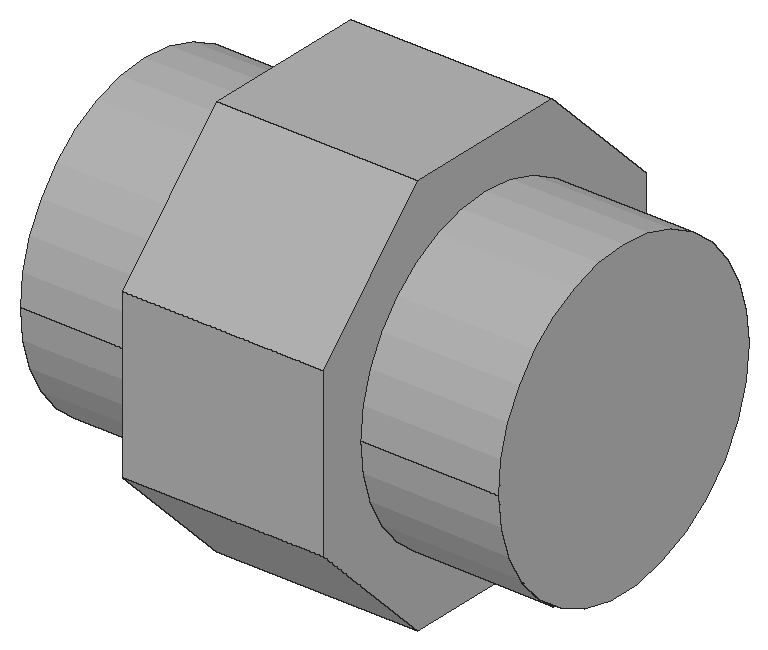
Revit family "1RTD-BR_Bypass_DN15-20_RFA", category Pipe Accessories, Revit 2019
Family settings
  Round Connector Dimension = Use Diameter
  Part Type = Valve - Breaks Into
  OmniClass Number = 23.65.55.14.17
  OmniClass Title = Adjusting/Controlling Valves for Liquid Services
  Work Plane-Based = No
  Always vertical = Yes
  Cut with Voids When Loaded = No
  Shared = No
Parameters (values of type "RTD-BR_Bypass_DN15_10_013L1915")
  Weight = 0.17 kg
  W [instance] = 40 mm
  Valve Body Material = Danfoss Cast Steel
  URL = "https://store.danfoss.com/en/Climate-Solutions-for-heating/Radiator-Thermostats/Flow-Restrictors/c/6985?q=%3Arelevance%3Adanfoss_producttypehierarchydesc%3A5e27b866cda9e4a0c5ab51bd9d3cd732d5607975&text="
  S2 = 40 mm
  S1 = S2 / 2  # 20 mm
  R_200 = 21.648 mm
  Pressure Drop [instance] = 0.0 bar
  Model Type = "RTD-BR_Bypass_DN15_10"
  Model = "013L1915"
  Max Working Temperature = "120 °C"  # constant formula
  Max Operating Pressure = "10 bar"  # constant formula
  Manufacturer = "Danfoss"  # constant formula
  LOD 350 = not(LOD 200)  # yes
  LOD 200 = no
  L = 47.5 mm
  Kvs = 6.8 m³/h
  IfcExportType = "RTD-BR"  # constant formula
  IfcExportAs = "IfcValveType"  # constant formula
  Flow [instance] = 0.0 m³/h
  Description = "Flow Restrictor"  # constant formula
  D1 = 31 mm
  D = 15 mm
Types (3, lengths in mm): name | Weight | W | S2 | S1 | R_200 | Model Type | Model | Kvs | D1 | D
  (no name) | 0.17 kg | 40 | 40 | 20 | 21.648 | "RTD-BR_Bypass_DN15_10" | "013L1915" | 6.8 m³/h | 31 | 15
  RTD-BR_Bypass_DN20_15_013L1916 | 0.29 kg | 50 | 50 | 25 | 27 | "RTD-BR_Bypass_DN20_15" | "013L1916" | 15.1 m³/h | 34 | 20
  RTD-BR_Bypass_DN15_10_013L1915 | 0.17 kg | 40 | 40 | 20 | 21.648 | "RTD-BR_Bypass_DN15_10" | "013L1915" | 6.8 m³/h | 31 | 15
Reference planes
  plane 1 "Center (Front/Back)": y = 0
  plane 2: z = 0
  plane 3 "Center (Left/Right)": x = 0
  plane 4: through (0, 8.284, 20) normal (0, -0.9239, 0.3827)
  plane 5: through (0, -8.284, 20) normal (0, -0.9239, -0.3827)
  plane 6: through (0, 20, 8.284) normal (0, -0.3827, 0.9239)
  plane 7: through (0, -20, 8.284) normal (0, -0.3827, -0.9239)
  plane 8: x = -23.75
  plane 9: x = 23.75
  plane 10: x = -10
  plane 11: x = 10
Forms (mm)
  Extrusion 1, solid, material "Danfoss Cast Steel" <- "Valve Body Material", visible <- "LOD 350", detail levels fine
    sketch origin (0, 0, 0) x (0, 1, 0) y (0, 0, 1)
      loop
        line (-8.284, 20) -> (-20, 8.284) -> (-20, -8.284) -> (-8.284, -20) -> (8.284, -20) -> (20, -8.284) -> (20, 8.284) -> (8.284, 20) -> (-8.284, 20)
    from -10 to 10
  Extrusion 2, solid, material "Danfoss Cast Steel" <- "Valve Body Material", detail levels fine
    sketch origin (0, 0, 0) x (0, 1, 0) y (0, 0, 1)
      loop
        circle (0, 0) r 15.5
    from 10 to 23.75
  Extrusion 3, solid, material "Danfoss Cast Steel" <- "Valve Body Material", detail levels fine
    sketch origin (0, 0, 0) x (0, 1, 0) y (0, 0, -1)
      loop
        circle (0, 0) r 15.5
    from 10 to 23.75
  Extrusion 4, solid, material "Danfoss Cast Steel" <- "Valve Body Material", visible <- "LOD 200", detail levels fine
    sketch origin (0, 0, 0) x (0, 1, 0) y (0, 0, 1)
      loop
        circle (0, 0) r 21.648
    from -10 to 10
Dimensions and locks
  "S1": Extrusion 1 sketch curve to plane 1 "Center (Front/Back)"  (x2)
  "S1": Extrusion 1 sketch curve to plane 2  (x2)
  Extrusion 1 sketch curve to Extrusion 1 sketch curve = 40 mm
  "L": plane 9 to plane 8
  equal spacing: plane 9, plane 3 "Center (Left/Right)", plane 8
  equal spacing: plane 11, plane 3 "Center (Left/Right)", plane 10
  plane 11 to plane 10 = 20 mm
  "W": Extrusion 1 to Extrusion 1
  "D1": diameter of Extrusion 2 sketch curve
  "D1": diameter of Extrusion 3 sketch curve
  "R_200": radius of Extrusion 4 sketch curve
  angle plane 5 to plane 4 = 45.00°  (x2)
  angle plane 7 to plane 5 = 45.00°  (x2)
  angle plane 4 to plane 6 = 45.00°  (x2)
  angle plane 6 to plane 7 = 45.00°  (x2)
  aligned and locked: level to plane 2
  aligned and locked: Extrusion 1 sketch curve to plane 5
  aligned and locked: plane 7 to Extrusion 1 sketch curve
  aligned and locked: plane 6 to Extrusion 1 sketch curve
  aligned and locked: plane 4 to Extrusion 1 sketch curve
  aligned and locked: plane 1 "Center (Front/Back)" to Extrusion 2 sketch curve
  aligned and locked: level to Extrusion 2 sketch curve
  aligned and locked: plane 9 to Extrusion 2
  aligned and locked: Extrusion 1 to plane 10
  aligned and locked: plane 11 to Extrusion 1
  aligned and locked: Extrusion 2 to plane 11
  aligned and locked: plane 10 to Extrusion 3
  aligned and locked: Extrusion 3 to plane 8
  aligned and locked: plane 1 "Center (Front/Back)" to Extrusion 4 sketch curve
  aligned and locked: level to Extrusion 4 sketch curve
  aligned and locked: Extrusion 4 to Extrusion 1  (x2)
  aligned and locked: plane 1 "Center (Front/Back)" to nested 1
  aligned and locked: plane 3 "Center (Left/Right)" to nested 1
  aligned and locked: nested 1 to level
Automatic sketch dimensions
  Extrusion 1 sketch curve to plane 5 = 0 mm
  Extrusion 1 sketch curve to plane 4 = 0 mm
  Extrusion 1 sketch curve to plane 6 = 0 mm
  plane 7 to Extrusion 1 sketch curve = 0 mm
  Extrusion 3 sketch curve to level = 0 mm
  Extrusion 3 sketch curve to plane 1 "Center (Front/Back)" = 0 mm
Nested families
  nested 1: "Schematic_Flow Restrictor" at (0, 0, 0), type "Schematic_Flow Restrictor", detail levels coarse+medium
Connectors
  piping at (23.75, 0, 0), diameter 15, driven by "D", driven by "Flow"
    settings: on Extrusion 2, index 1, connector inside diameter 609.6 mm, connector length 0 mm, flow factor 0, pipe flow 0.0 m³/h, pressure drop 0.0 bar, fitting loss kfactor 0, connector angle 0.00°, fixture units 0, engagement length 0 mm, angle of deflection 0.00°, flow configuration 0, flow direction 0, fitting loss method 0, system type 29, joint type 0, gender type 0, connector reference index 2, connector utility 0, adjustable connector no, is connector primary yes, connector description ""
  piping at (-23.75, 0, 0), diameter 15, driven by "D", driven by "Flow"
    settings: on Extrusion 3, index 2, connector inside diameter 609.6 mm, connector length 0 mm, flow factor 0, pipe flow 0.0 m³/h, pressure drop 0.0 bar, fitting loss kfactor 0, connector angle 0.00°, fixture units 0, engagement length 0 mm, angle of deflection 0.00°, flow configuration 0, flow direction 0, fitting loss method 0, system type 29, joint type 0, gender type 0, connector reference index 1, connector utility 0, adjustable connector no, is connector primary no, connector description ""
Definition of nested family "Schematic_Flow Restrictor"
  Parameters (values of type "Schematic_Flow Restrictor")
    L3 = D1 / 4  # 10.5 mm
    L2 = L * 2 / 5  # 50.4 mm
    L1 = L2 / 7  # 7.2 mm
    L = 126 mm
    H1 = H * 2 / 7  # 18 mm
    H = L / 2  # 63 mm
    D1 = L / 3  # 42 mm
  Reference planes
    plane 1 "Center (Front/Back)": y = 0
    plane 2: z = 0
    plane 3 "Center (Left/Right)": x = 0
    plane 4: z = 21
    plane 5: z = -21
    plane 6: x = -63
    plane 7: x = 63
    plane 8: z = 63
    plane 9: x = -7.2
    plane 10: x = -50.4
    plane 11: y = 21
    plane 12: y = -21
    plane 13: y = 63
    plane 14: x = 50.4
  Lines and regions (mm)
    model lines
      curve 1: line (-63, 0, 0) -> (63, 0, 0)
      curve 3: arc (-50.4, 0, -21) -> (0, 0, -10.5) -> (50.4, 0, -21) r 126.21
      curve 4: arc (-50.4, 0, 21) -> (0, 0, 10.5) -> (50.4, 0, 21) r 126.21
    symbolic lines
      curve 2: line (-63, 0, 0) -> (63, 0, 0)
      curve 5: arc (-50.4, -21, 0) -> (0, -10.5, 0) -> (50.4, -21, 0) r 126.21
      curve 6: arc (-50.4, 21, 0) -> (0, 10.5, 0) -> (50.4, 21, 0) r 126.21
  Dimensions and locks
    equal spacing: plane 4, level, plane 5
    "D1": plane 4 to plane 5
    equal spacing: plane 7, plane 3 "Center (Left/Right)", plane 6
    "L": plane 7 to plane 6
    "H": plane 8 to plane 2
    "L2": plane 3 "Center (Left/Right)" to plane 10
    "H": plane 1 "Center (Front/Back)" to plane 13
    equal spacing: plane 12, plane 1 "Center (Front/Back)", plane 11
    "D1": plane 12 to plane 11
    "L1": plane 3 "Center (Left/Right)" to plane 9
    "L2": plane 14 to plane 3 "Center (Left/Right)"
    "L3": curve 3 to plane 5
    "L3": plane 4 to curve 4
    "L2": plane 3 "Center (Left/Right)" to plane 14
    "L2": plane 10 to plane 3 "Center (Left/Right)"
    "L3": plane 12 to curve 5
    "L3": curve 6 to plane 11
    aligned and locked: level to plane 2
    aligned and locked: curve 2 to curve 1
    aligned and locked: plane 10 to curve 3
    aligned and locked: plane 14 to curve 3
    aligned and locked: plane 10 to curve 4
    aligned and locked: plane 14 to curve 4
  Automatic sketch dimensions
    curve 1 to level = 0 mm
    curve 1 to plane 6 = 0 mm
    curve 4 to plane 3 "Center (Left/Right)" = 0 mm
    curve 3 to plane 3 "Center (Left/Right)" = 0 mm
    curve 1 to plane 7 = 0 mm
    curve 3 to plane 5 = 0 mm
    curve 4 to plane 4 = 0 mm
    curve 2 to plane 6 = 0 mm
    curve 5 to plane 10 = 0 mm
    curve 6 to plane 10 = 0 mm
    curve 6 to plane 3 "Center (Left/Right)" = 0 mm
    curve 5 to plane 3 "Center (Left/Right)" = 0 mm
    plane 12 to curve 5 = 0 mm
    curve 5 to plane 14 = 0 mm
    plane 11 to curve 6 = 0 mm
    curve 6 to plane 14 = 0 mm
    curve 2 to plane 7 = 0 mm
